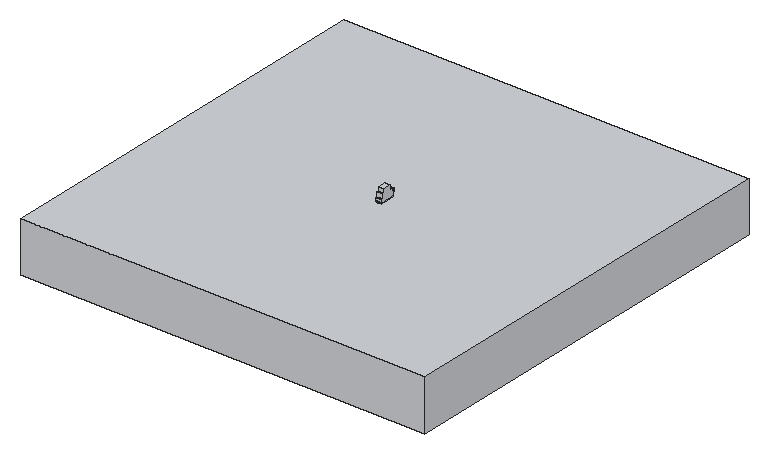
Revit family "Gira_257200", category Elektroinstallationen, Revit 2017
Family settings
  Basisbauteil = Fläche
  Beschriftungsausrichtung beibehalten = Nein
  Bemaßung runder Anschluss = Durchmesser verwenden
  Teiletyp = Normal
  Beim Laden mit Abzugskörper schneiden = Nein
  Gemeinsam genutzt = Nein
  Raumberechnungspunkt = Nein
Parameters (values of type "TKS-Repeater REG Türko")
  Default Elevation = 1219.2 mm
  Vor Ort-/Handbedienung = no
  URL = "https://www.gira.de/"
  Typname = "TKS-Repeater REG Türko"
  Type Comments = ""
  Stromart = ""
  Schutzart (IP) = ""
  Produktseite = "https://media.stage.bim.site/t/eyJhbGciOiJIUzI1NiIsInR5cCI6IkpXVCJ9.eyJjdCI6MiwidHUiOiJodHRwOi8va2F0YWxvZy5naXJhLmRlL2RlX0RFL2RhdGVuYmxhdHQuaHRtbD9hcnRpa2VsbnI9MjU3MjAwIiwiY2lkIjoiMzI3N2NjMjMtODFhOS00ZWUzLWE5MGEtYjQ3YmI0YzBiNjE2IiwicmlkIjoiY2Q4NWNiMDI5NDdiZjlmOGU2YjE5MzFiNjQwZmNiZGYiLCJwaWQiOiI1MmRmNTM0YzkxYWI1YWU1MjM3NDY5OGU1YWJiMmI4YmU4MTNlNDUyIiwic2lkIjoiNjM0NzAiLCJ1dCI6MSwibGMiOiJkZSIsImlhdCI6MTYwMDkzOTU4OCwiaXNzIjoiaHR0cHM6Ly9hcGkubGl2ZS5iaW0uc2l0ZSIsInN1YiI6ImFkbWluQGJpbXNpdGUuZGV2In0.k541yRNw3eVLNYYYUkIQRmzqy3_3s8Mjd3w8aRjU1bE"
  Montageart = ""
  Model = ""
  Mit LED-Anzeige = no
  Mit Busankopplung = no
  Max. Schaltleistung [Voltampere] = 0
  Max. Anzahl der Jalousieausgänge = 0
  Kosten = 0
  Installationstechnik = "Bus-System"
  Hersteller = "Gira"
  HeinzeBIM = "https://www.heinze.de/bim/tks-repeater-reg-tuerko/52df534c91ab5ae52374698e5abb2b8be813e452"
  HAN = "257200"
  GTIN = "4010337011125"
  Funktion Schalten = no
  Funktion = "erweitern"
  Datenblatt 1 = "https://media.stage.bim.site/t/eyJhbGciOiJIUzI1NiIsInR5cCI6IkpXVCJ9.eyJjdCI6MSwidGYiOiJwdWJsaWMvZ2lyYS9hZThjNTU3LzI1NzIwMC50eHQiLCJjaWQiOiIzMjc3Y2MyMy04MWE5LTRlZTMtYTkwYS1iNDdiYjRjMGI2MTYiLCJyaWQiOiJjZDg1Y2IwMjk0N2JmOWY4ZTZiMTkzMWI2NDBmY2JkZiIsInBpZCI6IjUyZGY1MzRjOTFhYjVhZTUyMzc0Njk4ZTVhYmIyYjhiZTgxM2U0NTIiLCJzaWQiOiI2MzQ3MCIsInV0IjoxLCJsYyI6ImRlIiwiaWF0IjoxNjAwOTM5NTg4LCJpc3MiOiJodHRwczovL2FwaS5saXZlLmJpbS5zaXRlIiwic3ViIjoiYWRtaW5AYmltc2l0ZS5kZXYifQ.8LVAUsGBa57GIi6pAlNI6URT0w8JcSc31p8xriyLuH4/257200.txt"
  Datenblatt = "https://media.stage.bim.site/t/eyJhbGciOiJIUzI1NiIsInR5cCI6IkpXVCJ9.eyJjdCI6MSwidHUiOiJodHRwczovL2thdGFsb2cuZ2lyYS5kZS9kZV9ERS9kb3dubG9hZC5odG1sP2FydGlrZWxucj0yNTcyMDAiLCJjaWQiOiIzMjc3Y2MyMy04MWE5LTRlZTMtYTkwYS1iNDdiYjRjMGI2MTYiLCJyaWQiOiJjZDg1Y2IwMjk0N2JmOWY4ZTZiMTkzMWI2NDBmY2JkZiIsInBpZCI6IjUyZGY1MzRjOTFhYjVhZTUyMzc0Njk4ZTVhYmIyYjhiZTgxM2U0NTIiLCJzaWQiOiI2MzQ3MCIsInV0IjoxLCJsYyI6ImRlIiwiaWF0IjoxNjAwOTM5NTg4LCJpc3MiOiJodHRwczovL2FwaS5saXZlLmJpbS5zaXRlIiwic3ViIjoiYWRtaW5AYmltc2l0ZS5kZXYifQ.3YMHHwJLbl2UM-H8tl-1SviA3puqcaaM1aFDjPXuYdY"
  Bussystem Powernet = no
  Bussystem LON = no
  Bussystem KNX-Funk = no
  Bussystem KNX = no
  Bussystem Funkbus = no
  Breite in Teilungseinheiten = 0
  Beschreibung = "TKS-Repeater  REG Merkmale:  Aktive Komponente zur Erweiterung einer Gira Türkommunikationsanlage mit Audio- und Videofunktion.  Reichweitenverlängerung und Erhöhung der Teilnehmerzahlen bei Verwendung weiterer Steuergeräte.  Verstärkung der Audio- und Datensignale des Türkommunikations-Systems in beide Richtungen. Repeatermodus:  Verbindet zwei Liniensegmente miteinander, zur Verdopplung der Teilnehmerzahl einer Video- oder Audio-Türkommunikationsanlage und der Leitungsreichweite.  Wichtig: Für die Versorgung des zweiten Liniensegments ist ein zusätzliches Steuergerät erforderlich. Mehrgesprächsmodus:  Im Mehrgesprächsmodus wird die gesamte Anlage auf mehrere Linien (eine Hauptlinie, bis zu fünf Nebenlinien) aufgeteilt, welche über TKS-Repeater miteinander verbunden werden.  Jede Linie wird von einem eigenen Steuergerät versorgt.  Im Mehrgesprächsmodus dürfen bis zu fünf TKS-Repeater in einer Anlage verwendet werden.  Hinweise :  Datensicherung   Die Konfiguration des TKS-Repeaters kann auf einer microSD-Karte gesichert werden.  Inbetriebnahme   Die Inbetriebnahme des TKS-Repeaters ist auch ohne microSD-Karte möglich."
  Assembly Code = ""
  Keynote = ""
  BIMSITE_PRODUCT_ID = "52df534c91ab5ae52374698e5abb2b8be813e452"
  BIM = "https://media.stage.bim.site/t/eyJhbGciOiJIUzI1NiIsInR5cCI6IkpXVCJ9.eyJjdCI6MSwidGYiOiJwdWJsaWMvZ2lyYS9hZThjNTU3L0dpcmEgWDEgUkVHIEtOWC5yZmEiLCJjaWQiOiIzMjc3Y2MyMy04MWE5LTRlZTMtYTkwYS1iNDdiYjRjMGI2MTYiLCJyaWQiOiJjZDg1Y2IwMjk0N2JmOWY4ZTZiMTkzMWI2NDBmY2JkZiIsInBpZCI6IjUyZGY1MzRjOTFhYjVhZTUyMzc0Njk4ZTVhYmIyYjhiZTgxM2U0NTIiLCJzaWQiOiI2MzQ3MCIsInV0Ijo1LCJsYyI6ImRlIiwiaWF0IjoxNjAwOTM5NTg4LCJpc3MiOiJodHRwczovL2FwaS5saXZlLmJpbS5zaXRlIiwic3ViIjoiYWRtaW5AYmltc2l0ZS5kZXYifQ.7Sijo5bAzZ97aMULtl_TcPZ1WVejD8QZT_chWj7Drw8/Gira X1 REG KNX.rfa"
  Anzahl der Eingänge = 0
  Andere Bussysteme = ""
Reference planes
  plane 1 "Center (Front/Back)": y = 0
  plane 2: z = 0
  plane 3 "Center (Left/Right)": x = 0
Forms (mm)
  Extrusion 1, solid
    sketch origin (0, 0, 0) x (1, 0, 0) y (0, 1, 0)
      loop
        line (-1219.2, 1219.2) -> (-1219.2, -1219.2) -> (1219.2, -1219.2) -> (1219.2, 1219.2) -> (-1219.2, 1219.2)
    from 0 to -304.8
  Extrusion 2, solid, detail levels fine
    sketch origin (0, -0.2, 0) x (0, 1, 0) y (0, 0, 1)
      loop
        line (22.65, 43.82) -> (22.65, 68.77) -> (-22.25, 68.77) -> (-22.25, 43.82) -> (-30.4, 43.82) -> (-30.4, 19.42) -> (-44.8, 19.42) -> (-44.8, 1.97) -> (45.192, 1.97) -> (45.192, 28.47) -> (32.925, 28.47) -> (32.831, 39.259) -> (31.225, 41.242) -> (31.225, 43.82) -> (22.65, 43.82)
    from -17.95 to 17.95
  Extrusion 3, solid, detail levels fine
    sketch origin (0, -0.2, 0) x (0, 1, 0) y (0, 0, 1)
      loop
        line (45.192, 43.82) -> (31.225, 43.82) -> (31.225, 41.242) -> (32.831, 39.259) -> (32.925, 28.47) -> (45.192, 28.47) -> (45.192, 43.82)
    from -17.95 to -15.8
  Extrusion 4, solid, detail levels fine
    sketch origin (0, -0.2, 0) x (0, 1, 0) y (0, 0, -1)
      loop
        line (45.192, -43.82) -> (45.192, -28.47) -> (32.925, -28.47) -> (32.831, -39.259) -> (31.225, -41.242) -> (31.225, -43.82) -> (45.192, -43.82)
    from -17.95 to -15.8
  Extrusion 5, solid, detail levels fine
    sketch origin (0, -0.2, 0) x (0, 1, 0) y (0, 0, 1)
      loop
        line (31.5, 42.848) -> (31.5, 40.412)
        arc (31.5, 40.412) -> (38.359, 39.512) -> (45.192, 38.435) r 267
        line (45.192, 38.435) -> (45.192, 14.255)
        arc (45.192, 14.255) -> (50.205, 15.189) -> (55.2, 16.219) r 264.9
        line (55.2, 16.219) -> (55.2, 38.933)
        arc (55.2, 38.933) -> (43.394, 41.159) -> (31.5, 42.848) r 265
    from -15.506 to 15.5
  Extrusion 6, solid, detail levels fine
    sketch origin (0, -0.2, 0) x (0, 1, 0) y (0, 0, 1)
      loop
        line (45.2, 1.5) -> (17.774, 1.5) -> (17.905, -6.017)
        arc (17.905, -6.017) -> (20.285, -6.454) -> (22.7, -6.6) r 20
        arc (22.7, -6.6) -> (33.985, -5.009) -> (45.128, -2.618) r 160
        line (45.128, -2.618) -> (45.2, 1.5)
    from -17.95 to 18
  Extrusion 7, solid, detail levels fine
    sketch origin (0, -0.2, 0) x (0, 1, 0) y (0, 0, 1)
      loop
        line (17.905, -6.017) -> (17.824, -1.4) -> (16.8, -1.4) -> (14.749, -4.952)
        arc (14.749, -4.952) -> (16.305, -5.55) -> (17.905, -6.017) r 20
    from -17.95 to -13
  Extrusion 8, solid, detail levels fine
    sketch origin (0, -0.2, 0) x (0, 1, 0) y (0, 0, -1)
      loop
        arc (17.905, 6.017) -> (16.305, 5.55) -> (14.749, 4.952) r 20
        line (14.749, 4.952) -> (16.8, 1.4) -> (17.824, 1.4) -> (17.905, 6.017)
    from -17.95 to -13
  Extrusion 9, solid, detail levels fine
    sketch origin (0, -0.2, 0) x (0, 1, 0) y (0, 0, 1)
      loop
        line (17.8, 0) -> (17.774, 1.5) -> (-44.8, 1.5) -> (-44.774, 0) -> (17.8, 0)
    from -17.95 to 17.95
  Extrusion 10, solid, detail levels fine
    sketch origin (0, 0, 0) x (0, 1, 0) y (0, 0, 1)
      loop
        line (-48.916, -3.317) -> (-44.906, -3.881) -> (-44.974, 0) -> (-48.916, 0) -> (-48.916, -3.317)
    from -4.803 to 4.797
  Extrusion 11, solid, detail levels fine
    sketch origin (0, 0, 0) x (0, 1, 0) y (0, 0, 1)
      loop
        arc (-22.5, -6.6) -> (-20.811, -6.529) -> (-19.134, -6.315) r 20
        line (-19.134, -6.315) -> (-18.029, -3.279) -> (-18, 0) -> (-44.974, 0) -> (-44.928, -2.618)
        arc (-44.928, -2.618) -> (-33.785, -5.009) -> (-22.5, -6.6) r 160
    from -17.95 to -10.5
  Extrusion 12, solid, detail levels fine
    sketch origin (0, 0, 0) x (0, 1, 0) y (0, 0, -1)
      loop
        arc (-22.5, 6.6) -> (-33.785, 5.009) -> (-44.928, 2.618) r 160
        line (-44.928, 2.618) -> (-44.974, 0) -> (-18, 0) -> (-18.029, 3.279) -> (-19.134, 6.315)
        arc (-19.134, 6.315) -> (-20.811, 6.529) -> (-22.5, 6.6) r 20
    from -17.95 to -10.5
  Extrusion 13, solid, detail levels fine
    sketch origin (0, 0, 0) x (0, 1, 0) y (0, 0, 1)
      loop
        line (-30.708, -6.6) -> (-30.65, 0) -> (-44.974, 0) -> (-44.859, -6.6) -> (-30.708, -6.6)
    from -10.5 to 10.5
  Extrusion 14, solid, detail levels fine
    sketch origin (0, 0, 0) x (1, 0, 0) y (0, 1, 0)
      loop
        circle (-0.003, -20.023) r 1
    from -7.682 to 0
  Extrusion 15, solid, detail levels fine
    sketch origin (0, 0, 0) x (0, 1, 0) y (0, 0, 1)
      loop
        line (-17.523, -0.8) -> (-17.523, 0) -> (-30.65, 0) -> (-30.684, -3.9) -> (-27.106, -3.9) -> (-27.106, -5.6) -> (-19.623, -6.6) -> (-18.03, -6.6) -> (-15.023, -2.682) -> (-15.023, -1.517) -> (-17.523, -0.8)
    from -4.503 to 4.5
  Extrusion 16, solid, detail levels fine
    sketch origin (0, 0, 0) x (1, 0, 0) y (0, 1, 0)
      loop
        line (16.859, 43.848) -> (-16.859, 43.848) -> (-16.859, -43.859) -> (16.859, -43.859) -> (16.859, 43.848)
    from 1.5 to 4
  Extrusion 17, solid, detail levels medium
    sketch origin (0, 0, 0) x (0, 1, 0) y (0, 0, 1)
      loop
        line (22.45, 68.77) -> (-22.45, 68.77) -> (-22.45, 43.82) -> (-30.6, 43.82) -> (-30.6, 19.42) -> (-45, 19.42) -> (-45, 0) -> (-48.916, 0) -> (-48.916, -6.6) -> (-15.023, -6.6) -> (-15.023, 0) -> (14.549, 0) -> (14.549, -6.6) -> (44.992, -6.6) -> (44.992, 14.255)
        arc (44.992, 14.255) -> (50.005, 15.189) -> (55, 16.219) r 264.9
        line (55, 16.219) -> (55, 38.933)
        arc (55, 38.933) -> (50.005, 39.943) -> (44.992, 40.856) r 265
        line (44.992, 40.856) -> (44.992, 43.82) -> (22.45, 43.82) -> (22.45, 68.77)
    from -17.95 to 17.95
  Extrusion 18, solid, detail levels coarse
    sketch origin (0, 0, 0) x (1, 0, 0) y (0, 1, 0)
      loop
        line (-17.95, 55) -> (-17.95, -48.916) -> (17.95, -48.916) -> (17.95, 55) -> (-17.95, 55)
    from -7.682 to 68.77
Dimensions and locks
  aligned and locked: plane 2 to Extrusion 1
  aligned and locked: level to Extrusion 1
Connectors
  electrical at (0, -13.687, 0)
    settings: on Extrusion 9, index 1, voltage 24 V, apparent load 0 VA, apparent load phase1 0 VA, apparent load phase2 0 VA, apparent load phase3 0 VA, power factor 1, load classification "Other", number of poles 1, system type 30, power factor state 1, is connector primary yes, connector utility no, sub classification motor no, connector description ""
